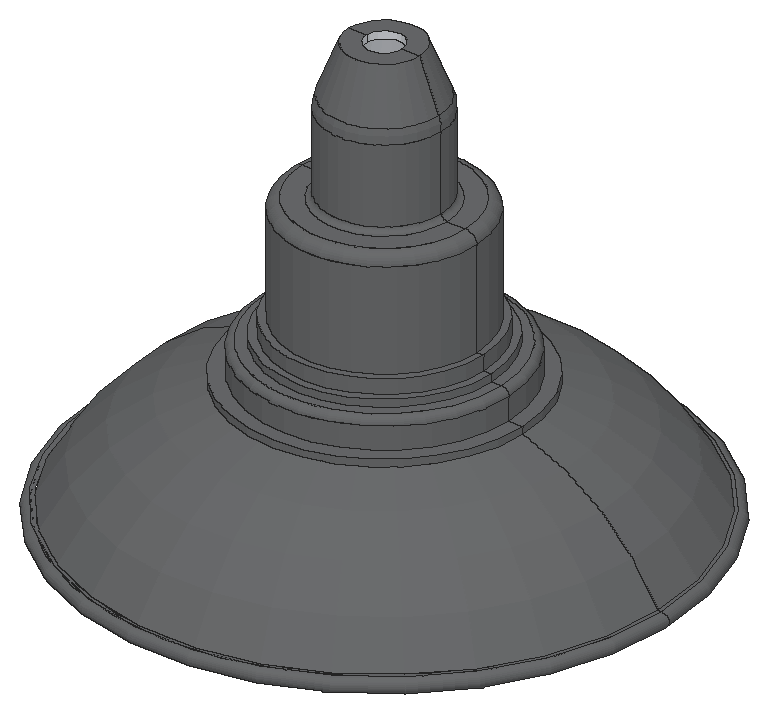
Revit family "HR8 SHADE", category Lighting Fixtures, Revit 2024
Family settings
  Round Connector Dimension = Use Diameter
  Part Type = Normal
  OmniClass Number = 23.80.70.00
  OmniClass Title = Lighting
  Work Plane-Based = No
  Always vertical = Yes
  Cut with Voids When Loaded = No
  Light Source = Yes
  Maintain Annotation Orientation = No
  Shared = No
  Room Calculation Point = No
Parameters
  Wattage = 12.1178 W
  built-in parameter 1150110 = 1 (stored number, unit not read)
  built-in parameter 1114217 = 1 (stored number, unit not read)
  built-in parameter 1150109 = 1 (stored number, unit not read)
  built-in parameter 1150134 = (empty or 0)
  built-in parameter 1150113 = 1 (stored number, unit not read)
  Lumens = 1800 lm
  built-in parameter 1150115 = 1 (stored number, unit not read)
  built-in parameter 1150105 = 572.96 (stored number, unit not read)
  Light Source Symbol Size = 2' - 0"
  built-in parameter 1150137 = (empty or 0)
  built-in parameter 1150139 = (empty or 0)
  built-in parameter 1150112 = 1 (stored number, unit not read)
  built-in parameter 1150114 = 1 (stored number, unit not read)
  built-in parameter 1150132 = 2
  built-in parameter 1150102 = (empty or 0)
  built-in parameter 1150138 = (empty or 0)
  built-in parameter 1150107 = 3000 (stored number, unit not read)
  built-in parameter 1150106 = 5.7296 (stored number, unit not read)
  built-in parameter 1150104 = 13.8 (stored number, unit not read)
  Dimming Lamp Color Temperature Shift = (empty or 0)
  Default Elevation = 0' - 0"
  Color Filter = 16777215
  built-in parameter 1114218 = 1 (stored number, unit not read)
  built-in parameter 1150133 = 10 (stored number, unit not read)
Reference planes (in)
  plane 1 "Light Source Axis (F/B)": y = 0
  plane 2: z = 12
  plane 3 "Light Source Axis (L/R)": x = 0
  plane 4 "Light Source Elevation": z = 84
Forms (in)
  Revolve 1, solid
    sketch origin (0, 0, 0) x (1, 0, 0) y (0, 0, 1)
      loop
        line (-0.25, 90) -> (-0.50003, 90) -> (-0.76424, 89.3394)
        arc (-0.76424, 89.3394) -> (-0.79081, 89.24911) -> (-0.8, 89.15543) r 0.50015
        line (-0.8, 89.15543) -> (-0.8, 88.125)
        arc (-0.8, 88.125) -> (-0.82197, 88.07197) -> (-0.875, 88.05) r 0.075
        line (-0.875, 88.05) -> (-1.15, 88.05)
        arc (-1.15, 88.05) -> (-1.25607, 88.00607) -> (-1.3, 87.9) r 0.15
        line (-1.3, 87.9) -> (-1.3, 86.55) -> (-1.4, 86.55) -> (-1.4, 86.35136) -> (-1.50586, 86.35136) -> (-1.50586, 86.25) -> (-1.65, 86.25)
        arc (-1.65, 86.25) -> (-1.72071, 86.22071) -> (-1.75, 86.15) r 0.1
        line (-1.75, 86.15) -> (-1.75, 85.84639) -> (-1.95169, 85.84639) -> (-1.95169, 85.74949)
        arc (-1.95169, 85.74949) -> (-3.05157, 85.16186) -> (-3.84523, 84.2) r 3.21593
        line (-3.84523, 84.2) -> (-3.9, 84.2)
        arc (-3.9, 84.2) -> (-3.97735, 84.03662) -> (-3.80195, 84.08035) r 0.1
        arc (-3.80195, 84.08035) -> (-2.99821, 85.08437) -> (-1.85794, 85.67923) r 3.12218
        line (-1.85794, 85.67923) -> (-1.85794, 85.75264) -> (-1.65625, 85.75264) -> (-1.65625, 86.15625) -> (-1.41211, 86.15625) -> (-1.41211, 86.25761) -> (-1.30625, 86.25761) -> (-1.30625, 86.45625) -> (-1.20625, 86.45625) -> (-1.20625, 87.9)
        arc (-1.20625, 87.9) -> (-1.18977, 87.93977) -> (-1.15, 87.95625) r 0.05625
        line (-1.15, 87.95625) -> (-0.875, 87.95625)
        arc (-0.875, 87.95625) -> (-0.75568, 88.00568) -> (-0.70625, 88.125) r 0.16875
        line (-0.70625, 88.125) -> (-0.70625, 89.15525)
        arc (-0.70625, 89.15525) -> (-0.69877, 89.23129) -> (-0.67719, 89.30459) r 0.4064
        line (-0.67719, 89.30459) -> (-0.43656, 89.90625) -> (-0.25, 89.90625) -> (-0.25, 90)
      axis (0, 90) -> (0, 84.08035)
    angle from 0 to 360
Dimensions and locks (in)
  aligned and locked: plane 3 "Light Source Axis (L/R)" to imposter light
  aligned and locked: plane 1 "Light Source Axis (F/B)" to imposter light
  aligned and locked: plane 4 "Light Source Elevation" to imposter light
  aligned and locked: level to plane 2
